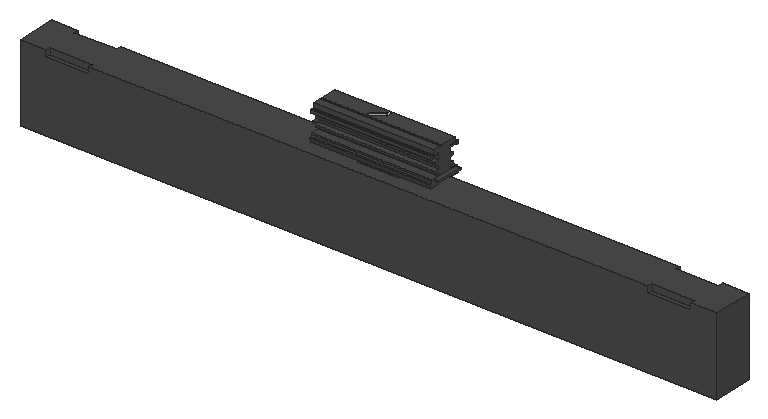
Revit family "DOT SINGLE HEAD RAIL 646_DTM30N6.5", category Luminarias, Revit 2019
Family settings
  Cota de conector redondo = Diámetro de uso
  Tipo de pieza = Normal
  Se basa en plano de trabajo = Sí
  Siempre vertical = Sí
  Corte con vacíos al cargar = No
  Origen de luz = Sí
  Compartido = No
  Punto de cálculo de habitación = No
Parameters (values of type "DOT SINGLE HEAD RAIL 646_DTM30N6.5.1535")
  Ángulo de inclinación = 60.00°
  Zone [instance] = ""
  Watt per fixture = 30
  Wattage = 30 W
  built-in parameter 1150107 = 4000 (stored number, unit not read)
  built-in parameter 1150110 = 1 (stored number, unit not read)
  built-in parameter 1150109 = 1 (stored number, unit not read)
  built-in parameter 1150112 = 1 (stored number, unit not read)
  built-in parameter 1150113 = 1 (stored number, unit not read)
  built-in parameter 1114218 = 1 (stored number, unit not read)
  Keynote = ""
  built-in parameter 1150137 = (empty or 0)
  built-in parameter 1150132 = (empty or 0)
  Modelo = "DTM30N6.5.1535"
  Lámpara = "3030SMD PHILIPS"
  built-in parameter 1150105 = 13996.1 (stored number, unit not read)
  built-in parameter 1150102 = (empty or 0)
  built-in parameter 1150106 = 139.96 (stored number, unit not read)
  Lumens = 2700 lm
  Color Filter = 16777215
  built-in parameter 1114217 = 1 (stored number, unit not read)
  built-in parameter 1150139 = (empty or 0)
  Fabricante = "BRILLANT"
  Default Elevation = 1219.2 mm
  built-in parameter 1150104 = 8.3613 (stored number, unit not read)
  Descripción = "LUMINARIA DOWNLIGHT EN FORMATO RECTANGULAR COMPATIBLE CON RIEL DE 6 ENTRADAS Y 3 CIRCUITOS CON CABEZAL PARA PODER DIRIGIR LA LUMINARIA HASTA 30 GRADOS, CUERPO DE ALUMINIO ACABADO EN COLOR NEGRO, IP 20, PESO 1.48Kg, TIPO DE LED 3030SMD PHILIPS CON 30W TOTAL, 1450 LUMENES, 90LM/W, IRC 90, TEMPERATURA EN BLANCO FRIO 4000K, 50 MIL HORAS DE VIDA PROMEDIO, APERTURA ELIPTICA DE 15X35 GRADOS POR PROYECTO, ALIMENTADO A 90-240V"
  built-in parameter 1150115 = 1 (stored number, unit not read)
  built-in parameter 1150114 = 1 (stored number, unit not read)
  Comentarios de vataje = "90-240V"
  built-in parameter 1150138 = (empty or 0)
  built-in parameter 1150134 = 12
  Circuit [instance] = ""
  Dimming Lamp Color Temperature Shift = (empty or 0)
  Archivo de red fotométrica = "L646A-30W-840-B-15X35_IESNA95.IES"
  built-in parameter 1150133 = 10 (stored number, unit not read)
Reference planes
  plane 1 "Centro (Frontal/Posterior)": y = 0
  plane 2: z = 0
  plane 3 "Centro (Izquierda/Derecha)": x = 0
Forms (mm)
  Extrusion 1, solid, material "Default Form"
    sketch origin (0, 0, 0) x (1, 0, 0) y (0, 0, 1)
      loop
        line (-323, 0) -> (-323, -72) -> (323, -72) -> (323, 0) -> (-323, 0)
    from -18.326 to 18.326
  Blend 2, void
    base sketch origin (0, 0, 0) x (1, 0, 0) y (0, 1, 0)
      loop
        line (-162, 16.149) -> (-162, -16.149) -> (-144.14, -16.149) -> (-144.14, 16.149) -> (-162, 16.149)
    top sketch origin (0, 0, 0) x (1, 0, 0) y (0, 1, 0)
      loop
        line (-160, 12.149) -> (-160, -12.149) -> (-146.14, -12.149) -> (-146.14, 12.149) -> (-160, 12.149)
    from -72 to -61.591
  Blend 3, void
    base sketch origin (21.86, 0, 0) x (1, 0, 0) y (0, 1, 0)
      loop
        line (-162, 16.149) -> (-162, -16.149) -> (-144.14, -16.149) -> (-144.14, 16.149) -> (-162, 16.149)
    top sketch origin (21.86, 0, 0) x (1, 0, 0) y (0, 1, 0)
      loop
        line (-160, 12.149) -> (-160, -12.149) -> (-146.14, -12.149) -> (-146.14, 12.149) -> (-160, 12.149)
    from -72 to -61.591
  Blend 4, void
    base sketch origin (43.72, 0, 0) x (1, 0, 0) y (0, 1, 0)
      loop
        line (-162, 16.149) -> (-162, -16.149) -> (-144.14, -16.149) -> (-144.14, 16.149) -> (-162, 16.149)
    top sketch origin (43.72, 0, 0) x (1, 0, 0) y (0, 1, 0)
      loop
        line (-160, 12.149) -> (-160, -12.149) -> (-146.14, -12.149) -> (-146.14, 12.149) -> (-160, 12.149)
    from -72 to -61.591
  Blend 5, void
    base sketch origin (65.58, 0, 0) x (1, 0, 0) y (0, 1, 0)
      loop
        line (-162, 16.149) -> (-162, -16.149) -> (-144.14, -16.149) -> (-144.14, 16.149) -> (-162, 16.149)
    top sketch origin (65.58, 0, 0) x (1, 0, 0) y (0, 1, 0)
      loop
        line (-160, 12.149) -> (-160, -12.149) -> (-146.14, -12.149) -> (-146.14, 12.149) -> (-160, 12.149)
    from -72 to -61.591
  Blend 6, void
    base sketch origin (87.44, 0, 0) x (1, 0, 0) y (0, 1, 0)
      loop
        line (-162, 16.149) -> (-162, -16.149) -> (-144.14, -16.149) -> (-144.14, 16.149) -> (-162, 16.149)
    top sketch origin (87.44, 0, 0) x (1, 0, 0) y (0, 1, 0)
      loop
        line (-160, 12.149) -> (-160, -12.149) -> (-146.14, -12.149) -> (-146.14, 12.149) -> (-160, 12.149)
    from -72 to -61.591
  Blend 7, void
    base sketch origin (109.3, 0, 0) x (1, 0, 0) y (0, 1, 0)
      loop
        line (-162, 16.149) -> (-162, -16.149) -> (-144.14, -16.149) -> (-144.14, 16.149) -> (-162, 16.149)
    top sketch origin (109.3, 0, 0) x (1, 0, 0) y (0, 1, 0)
      loop
        line (-160, 12.149) -> (-160, -12.149) -> (-146.14, -12.149) -> (-146.14, 12.149) -> (-160, 12.149)
    from -72 to -61.591
  Blend 8, void
    base sketch origin (131.16, 0, 0) x (1, 0, 0) y (0, 1, 0)
      loop
        line (-162, 16.149) -> (-162, -16.149) -> (-144.14, -16.149) -> (-144.14, 16.149) -> (-162, 16.149)
    top sketch origin (131.16, 0, 0) x (1, 0, 0) y (0, 1, 0)
      loop
        line (-160, 12.149) -> (-160, -12.149) -> (-146.14, -12.149) -> (-146.14, 12.149) -> (-160, 12.149)
    from -72 to -61.591
  Blend 9, void
    base sketch origin (153.02, 0, 0) x (1, 0, 0) y (0, 1, 0)
      loop
        line (-162, 16.149) -> (-162, -16.149) -> (-144.14, -16.149) -> (-144.14, 16.149) -> (-162, 16.149)
    top sketch origin (153.02, 0, 0) x (1, 0, 0) y (0, 1, 0)
      loop
        line (-160, 12.149) -> (-160, -12.149) -> (-146.14, -12.149) -> (-146.14, 12.149) -> (-160, 12.149)
    from -72 to -61.591
  Blend 10, void
    base sketch origin (174.88, 0, 0) x (1, 0, 0) y (0, 1, 0)
      loop
        line (-162, 16.149) -> (-162, -16.149) -> (-144.14, -16.149) -> (-144.14, 16.149) -> (-162, 16.149)
    top sketch origin (174.88, 0, 0) x (1, 0, 0) y (0, 1, 0)
      loop
        line (-160, 12.149) -> (-160, -12.149) -> (-146.14, -12.149) -> (-146.14, 12.149) -> (-160, 12.149)
    from -72 to -61.591
  Blend 11, void
    base sketch origin (196.74, 0, 0) x (1, 0, 0) y (0, 1, 0)
      loop
        line (-162, 16.149) -> (-162, -16.149) -> (-144.14, -16.149) -> (-144.14, 16.149) -> (-162, 16.149)
    top sketch origin (196.74, 0, 0) x (1, 0, 0) y (0, 1, 0)
      loop
        line (-160, 12.149) -> (-160, -12.149) -> (-146.14, -12.149) -> (-146.14, 12.149) -> (-160, 12.149)
    from -72 to -61.591
  Blend 12, void
    base sketch origin (218.6, 0, 0) x (1, 0, 0) y (0, 1, 0)
      loop
        line (-162, 16.149) -> (-162, -16.149) -> (-144.14, -16.149) -> (-144.14, 16.149) -> (-162, 16.149)
    top sketch origin (218.6, 0, 0) x (1, 0, 0) y (0, 1, 0)
      loop
        line (-160, 12.149) -> (-160, -12.149) -> (-146.14, -12.149) -> (-146.14, 12.149) -> (-160, 12.149)
    from -72 to -61.591
  Blend 13, void
    base sketch origin (240.46, 0, 0) x (1, 0, 0) y (0, 1, 0)
      loop
        line (-162, 16.149) -> (-162, -16.149) -> (-144.14, -16.149) -> (-144.14, 16.149) -> (-162, 16.149)
    top sketch origin (240.46, 0, 0) x (1, 0, 0) y (0, 1, 0)
      loop
        line (-160, 12.149) -> (-160, -12.149) -> (-146.14, -12.149) -> (-146.14, 12.149) -> (-160, 12.149)
    from -72 to -61.591
  Blend 14, void
    base sketch origin (262.32, 0, 0) x (1, 0, 0) y (0, 1, 0)
      loop
        line (-162, 16.149) -> (-162, -16.149) -> (-144.14, -16.149) -> (-144.14, 16.149) -> (-162, 16.149)
    top sketch origin (262.32, 0, 0) x (1, 0, 0) y (0, 1, 0)
      loop
        line (-160, 12.149) -> (-160, -12.149) -> (-146.14, -12.149) -> (-146.14, 12.149) -> (-160, 12.149)
    from -72 to -61.591
  Blend 15, void
    base sketch origin (284.18, 0, 0) x (1, 0, 0) y (0, 1, 0)
      loop
        line (-162, 16.149) -> (-162, -16.149) -> (-144.14, -16.149) -> (-144.14, 16.149) -> (-162, 16.149)
    top sketch origin (284.18, 0, 0) x (1, 0, 0) y (0, 1, 0)
      loop
        line (-160, 12.149) -> (-160, -12.149) -> (-146.14, -12.149) -> (-146.14, 12.149) -> (-160, 12.149)
    from -72 to -61.591
  Blend 16, void
    base sketch origin (306.04, 0, 0) x (1, 0, 0) y (0, 1, 0)
      loop
        line (-162, 16.149) -> (-162, -16.149) -> (-144.14, -16.149) -> (-144.14, 16.149) -> (-162, 16.149)
    top sketch origin (306.04, 0, 0) x (1, 0, 0) y (0, 1, 0)
      loop
        line (-160, 12.149) -> (-160, -12.149) -> (-146.14, -12.149) -> (-146.14, 12.149) -> (-160, 12.149)
    from -72 to -61.591
  Extrusion 17, solid, material "Default Form"
    sketch origin (-55.628, 0, 7.5) x (0, 1, 0) y (0, 0, 1)
      loop
        line (-7.273, 1.74) -> (7.273, 1.74) -> (7.273, 0) -> (15.231, 0) -> (17.006, 4.494) -> (15.021, 4.494) -> (14.058, 5.868) -> (14.058, 7.166) -> (6.473, 7.166) -> (6.473, 9.324) -> (10.169, 10.163) -> (10.169, 12.464) -> (6.473, 13.302) -> (6.473, 16.66) -> (10.169, 17.499) -> (10.169, 19.8) -> (6.473, 20.638) -> (6.473, 25.016) -> (13.839, 25.016) -> (14.514, 24.341) -> (15.775, 24.341) -> (15.775, 27.171) -> (14.73, 27.171) -> (14.058, 26.499) -> (6.473, 26.499) -> (6.473, 27.299) -> (12.377, 27.299) -> (12.377, 31.471) -> (-2.744, 31.471) -> (-2.744, 30.671) -> (-5.514, 30.671) -> (-5.514, 31.471) -> (-12.377, 31.471) -> (-12.377, 27.299) -> (-6.473, 27.299) -> (-6.473, 26.499) -> (-14.058, 26.499) -> (-14.73, 27.171) -> (-15.775, 27.171) -> (-15.775, 24.341) -> (-14.514, 24.341) -> (-13.839, 25.016) -> (-6.473, 25.016) -> (-6.473, 20.638) -> (-10.169, 19.8) -> (-10.169, 17.499) -> (-6.473, 16.66) -> (-6.473, 13.302) -> (-10.169, 12.464) -> (-10.169, 10.163) -> (-6.473, 9.324) -> (-6.473, 7.166) -> (-14.058, 7.166) -> (-14.058, 5.868) -> (-15.021, 4.494) -> (-17.006, 4.494) -> (-15.231, 0) -> (-7.273, 0) -> (-7.273, 1.74)
    from 0 to 111.256
  Extrusion 18, solid, material "Default Form"
    sketch origin (0, 0, 0) x (1, 0, 0) y (0, 1, 0)
      loop
        line (-19.12, 6.873) -> (-19.12, -6.873) -> (19.12, -6.873) -> (19.12, 6.873) -> (-19.12, 6.873)
    from 0 to 2.67
  Extrusion 19, solid, material "Default Form"
    sketch origin (0, 0, 0) x (1, 0, 0) y (0, 1, 0)
      loop
        line (-10.93, 3.188) -> (-10.93, -3.188) -> (10.93, -3.188) -> (10.93, 3.188) -> (-10.93, 3.188)
    from 2.67 to 7.5
  Extrusion 20, void
    sketch origin (0, 0, 0) x (1, 0, 0) y (0, 1, 0)
      loop
        line (-259.42, 18.326) -> (-299.14, 18.326) -> (-299.14, 14.276) -> (-259.42, 14.276) -> (-259.42, 18.326)
      loop
        line (-299.14, -18.326) -> (-259.42, -18.326) -> (-259.42, -14.276) -> (-299.14, -14.276) -> (-299.14, -18.326)
      loop
        line (299.14, -18.326) -> (299.14, -14.276) -> (259.42, -14.276) -> (259.42, -18.326) -> (299.14, -18.326)
      loop
        line (299.14, 18.326) -> (259.42, 18.326) -> (259.42, 14.276) -> (299.14, 14.276) -> (299.14, 18.326)
    from -6.015 to 0
  Extrusion 21, solid, material "Acero Inoxidable"
    sketch origin (0, -1.594, 0) x (1, 0, 0) y (0, 0, -1)
      loop
        line (-15, -38.971) -> (3.794, -45.811) -> (4.341, -44.308) -> (3.589, -44.034) -> (3.316, -44.786) -> (-12.661, -38.971) -> (-15, -38.971)
    from 0 to 3.188
  Extrusion 22, solid, material "Default Form"
    sketch origin (0, 0, 0) x (1, 0, 0) y (0, 1, 0)
      loop
        line (-55.628, 6.473) -> (-66.331, 6.473) -> (-66.331, 0) -> (-55.628, 0) -> (-55.628, 6.473)
      loop
        line (55.628, 12.377) -> (55.628, -12.149) -> (60.628, -12.149) -> (60.628, 12.377) -> (55.628, 12.377)
    from 13.368 to 15
  Blend 23, void
    base sketch origin (-87.44, 0, 0) x (1, 0, 0) y (0, 1, 0)
      loop
        line (-162, 16.149) -> (-162, -16.149) -> (-144.14, -16.149) -> (-144.14, 16.149) -> (-162, 16.149)
    top sketch origin (-87.44, 0, 0) x (1, 0, 0) y (0, 1, 0)
      loop
        line (-160, 12.149) -> (-160, -12.149) -> (-146.14, -12.149) -> (-146.14, 12.149) -> (-160, 12.149)
    from -72 to -61.591
  Blend 24, void
    base sketch origin (-65.58, 0, 0) x (1, 0, 0) y (0, 1, 0)
      loop
        line (-162, 16.149) -> (-162, -16.149) -> (-144.14, -16.149) -> (-144.14, 16.149) -> (-162, 16.149)
    top sketch origin (-65.58, 0, 0) x (1, 0, 0) y (0, 1, 0)
      loop
        line (-160, 12.149) -> (-160, -12.149) -> (-146.14, -12.149) -> (-146.14, 12.149) -> (-160, 12.149)
    from -72 to -61.591
  Blend 25, void
    base sketch origin (-43.72, 0, 0) x (1, 0, 0) y (0, 1, 0)
      loop
        line (-162, 16.149) -> (-162, -16.149) -> (-144.14, -16.149) -> (-144.14, 16.149) -> (-162, 16.149)
    top sketch origin (-43.72, 0, 0) x (1, 0, 0) y (0, 1, 0)
      loop
        line (-160, 12.149) -> (-160, -12.149) -> (-146.14, -12.149) -> (-146.14, 12.149) -> (-160, 12.149)
    from -72 to -61.591
  Blend 26, void
    base sketch origin (-21.86, 0, 0) x (1, 0, 0) y (0, 1, 0)
      loop
        line (-162, 16.149) -> (-162, -16.149) -> (-144.14, -16.149) -> (-144.14, 16.149) -> (-162, 16.149)
    top sketch origin (-21.86, 0, 0) x (1, 0, 0) y (0, 1, 0)
      loop
        line (-160, 12.149) -> (-160, -12.149) -> (-146.14, -12.149) -> (-146.14, 12.149) -> (-160, 12.149)
    from -72 to -61.591
  Blend 27, void
    base sketch origin (-109.3, 0, 0) x (1, 0, 0) y (0, 1, 0)
      loop
        line (-162, 16.149) -> (-162, -16.149) -> (-144.14, -16.149) -> (-144.14, 16.149) -> (-162, 16.149)
    top sketch origin (-109.3, 0, 0) x (1, 0, 0) y (0, 1, 0)
      loop
        line (-160, 12.149) -> (-160, -12.149) -> (-146.14, -12.149) -> (-146.14, 12.149) -> (-160, 12.149)
    from -72 to -61.591
  Blend 28, void
    base sketch origin (327.9, 0, 0) x (1, 0, 0) y (0, 1, 0)
      loop
        line (-162, 16.149) -> (-162, -16.149) -> (-144.14, -16.149) -> (-144.14, 16.149) -> (-162, 16.149)
    top sketch origin (327.9, 0, 0) x (1, 0, 0) y (0, 1, 0)
      loop
        line (-160, 12.149) -> (-160, -12.149) -> (-146.14, -12.149) -> (-146.14, 12.149) -> (-160, 12.149)
    from -72 to -61.591
  Blend 29, void
    base sketch origin (349.76, 0, 0) x (1, 0, 0) y (0, 1, 0)
      loop
        line (-162, 16.149) -> (-162, -16.149) -> (-144.14, -16.149) -> (-144.14, 16.149) -> (-162, 16.149)
    top sketch origin (349.76, 0, 0) x (1, 0, 0) y (0, 1, 0)
      loop
        line (-160, 12.149) -> (-160, -12.149) -> (-146.14, -12.149) -> (-146.14, 12.149) -> (-160, 12.149)
    from -72 to -61.591
  Blend 30, void
    base sketch origin (371.62, 0, 0) x (1, 0, 0) y (0, 1, 0)
      loop
        line (-162, 16.149) -> (-162, -16.149) -> (-144.14, -16.149) -> (-144.14, 16.149) -> (-162, 16.149)
    top sketch origin (371.62, 0, 0) x (1, 0, 0) y (0, 1, 0)
      loop
        line (-160, 12.149) -> (-160, -12.149) -> (-146.14, -12.149) -> (-146.14, 12.149) -> (-160, 12.149)
    from -72 to -61.591
  Blend 31, void
    base sketch origin (393.48, 0, 0) x (1, 0, 0) y (0, 1, 0)
      loop
        line (-162, 16.149) -> (-162, -16.149) -> (-144.14, -16.149) -> (-144.14, 16.149) -> (-162, 16.149)
    top sketch origin (393.48, 0, 0) x (1, 0, 0) y (0, 1, 0)
      loop
        line (-160, 12.149) -> (-160, -12.149) -> (-146.14, -12.149) -> (-146.14, 12.149) -> (-160, 12.149)
    from -72 to -61.591
  Blend 32, void
    base sketch origin (415.34, 0, 0) x (1, 0, 0) y (0, 1, 0)
      loop
        line (-162, 16.149) -> (-162, -16.149) -> (-144.14, -16.149) -> (-144.14, 16.149) -> (-162, 16.149)
    top sketch origin (415.34, 0, 0) x (1, 0, 0) y (0, 1, 0)
      loop
        line (-160, 12.149) -> (-160, -12.149) -> (-146.14, -12.149) -> (-146.14, 12.149) -> (-160, 12.149)
    from -72 to -61.591
Cuts and joins
  Blend 2, Blend 3, Blend 4, Blend 5, Blend 6, Blend 7, Blend 8, Blend 9, Blend 10, Blend 11, Blend 12, Blend 13, Blend 14, Blend 15, Blend 16, Extrusion 20, Blend 23, Blend 24, Blend 25, Blend 26, Blend 27, Blend 28, Blend 29, Blend 30, Blend 31, Blend 32 cuts Extrusion 1
Dimensions and locks
  equal spacing: Extrusion 1, plane 1 "Centro (Frontal/Posterior)", Extrusion 1
  Extrusion 1 to plane 1 "Centro (Frontal/Posterior)" = 18.326 mm
  Extrusion 1 to Extrusion 1 = 36.651 mm
  Extrusion 1 to Extrusion 1 = 72 mm
  Extrusion 1 to Extrusion 1 = 646 mm
  cut or joined group 1 (Extrusion 1, Blend 2, Blend 3, Blend 4, Blend 5, Blend 6, Blend 7, Blend 8, Blend 9, Blend 10, Blend 11, Blend 12, Blend 13, Blend 14, Blend 15, Blend 16, Extrusion 20, Blend 23, Blend 24, Blend 25, Blend 26, Blend 27, Blend 28, Blend 29, Blend 30, Blend 31, Blend 32) to cut or joined group 1 = 72 mm
  cut or joined group 1 to cut or joined group 1 = 36.651 mm
  cut or joined group 1 to cut or joined group 1 = 646 mm
  equal spacing: cut or joined group 1, plane 1 "Centro (Frontal/Posterior)", cut or joined group 1
  cut or joined group 1 to cut or joined group 1 = 23.86 mm  (x2)
  aligned and locked: level to plane 2
  aligned and locked: Extrusion 19 to Extrusion 17
  aligned and locked: Extrusion 19 to Extrusion 18
Automatic sketch dimensions
  Extrusion 1 sketch curve to level = 0 mm
  Extrusion 1 sketch curve to level = 72 mm
  Extrusion 1 sketch curve to plane 3 "Centro (Izquierda/Derecha)" = 323 mm
  plane 3 "Centro (Izquierda/Derecha)" to Extrusion 1 sketch curve = 323 mm
  Blend 2 sketch curve to plane 1 "Centro (Frontal/Posterior)" = 16.149 mm
  Blend 2 sketch curve to plane 3 "Centro (Izquierda/Derecha)" = 162 mm
  Blend 2 sketch curve to Blend 2 sketch curve = 17.86 mm
  plane 1 "Centro (Frontal/Posterior)" to Blend 2 sketch curve = 16.149 mm
  Blend 2 sketch curve to plane 1 "Centro (Frontal/Posterior)" = 12.149 mm
  Blend 2 sketch curve to plane 3 "Centro (Izquierda/Derecha)" = 160 mm
  Blend 2 sketch curve to Blend 2 sketch curve = 13.86 mm
  plane 1 "Centro (Frontal/Posterior)" to Blend 2 sketch curve = 12.149 mm
  Blend 3 sketch curve to plane 1 "Centro (Frontal/Posterior)" = 16.149 mm
  Blend 3 sketch curve to plane 3 "Centro (Izquierda/Derecha)" = 140.14 mm
  Blend 3 sketch curve to Blend 3 sketch curve = 17.86 mm
  plane 1 "Centro (Frontal/Posterior)" to Blend 3 sketch curve = 16.149 mm
  Blend 3 sketch curve to plane 1 "Centro (Frontal/Posterior)" = 12.149 mm
  Blend 3 sketch curve to plane 3 "Centro (Izquierda/Derecha)" = 138.14 mm
  Blend 3 sketch curve to Blend 3 sketch curve = 13.86 mm
  plane 1 "Centro (Frontal/Posterior)" to Blend 3 sketch curve = 12.149 mm
  Blend 4 sketch curve to plane 1 "Centro (Frontal/Posterior)" = 16.149 mm
  Blend 4 sketch curve to plane 3 "Centro (Izquierda/Derecha)" = 118.28 mm
  Blend 4 sketch curve to Blend 4 sketch curve = 17.86 mm
  plane 1 "Centro (Frontal/Posterior)" to Blend 4 sketch curve = 16.149 mm
  Blend 4 sketch curve to plane 1 "Centro (Frontal/Posterior)" = 12.149 mm
  Blend 4 sketch curve to plane 3 "Centro (Izquierda/Derecha)" = 116.28 mm
  Blend 4 sketch curve to Blend 4 sketch curve = 13.86 mm
  plane 1 "Centro (Frontal/Posterior)" to Blend 4 sketch curve = 12.149 mm
  Blend 5 sketch curve to plane 1 "Centro (Frontal/Posterior)" = 16.149 mm
  Blend 5 sketch curve to plane 3 "Centro (Izquierda/Derecha)" = 96.42 mm
  Blend 5 sketch curve to Blend 5 sketch curve = 17.86 mm
  plane 1 "Centro (Frontal/Posterior)" to Blend 5 sketch curve = 16.149 mm
  Blend 5 sketch curve to plane 1 "Centro (Frontal/Posterior)" = 12.149 mm
  Blend 5 sketch curve to plane 3 "Centro (Izquierda/Derecha)" = 94.42 mm
  Blend 5 sketch curve to Blend 5 sketch curve = 13.86 mm
  plane 1 "Centro (Frontal/Posterior)" to Blend 5 sketch curve = 12.149 mm
  Blend 6 sketch curve to plane 1 "Centro (Frontal/Posterior)" = 16.149 mm
  Blend 6 sketch curve to plane 3 "Centro (Izquierda/Derecha)" = 74.56 mm
  Blend 6 sketch curve to Blend 6 sketch curve = 17.86 mm
  plane 1 "Centro (Frontal/Posterior)" to Blend 6 sketch curve = 16.149 mm
  Blend 6 sketch curve to plane 1 "Centro (Frontal/Posterior)" = 12.149 mm
  Blend 6 sketch curve to plane 3 "Centro (Izquierda/Derecha)" = 72.56 mm
  Blend 6 sketch curve to Blend 6 sketch curve = 13.86 mm
  plane 1 "Centro (Frontal/Posterior)" to Blend 6 sketch curve = 12.149 mm
  Blend 7 sketch curve to plane 1 "Centro (Frontal/Posterior)" = 16.149 mm
  Blend 7 sketch curve to plane 3 "Centro (Izquierda/Derecha)" = 52.7 mm
  Blend 7 sketch curve to Blend 7 sketch curve = 17.86 mm
  plane 1 "Centro (Frontal/Posterior)" to Blend 7 sketch curve = 16.149 mm
  Blend 7 sketch curve to plane 1 "Centro (Frontal/Posterior)" = 12.149 mm
  Blend 7 sketch curve to plane 3 "Centro (Izquierda/Derecha)" = 50.7 mm
  Blend 7 sketch curve to Blend 7 sketch curve = 13.86 mm
  plane 1 "Centro (Frontal/Posterior)" to Blend 7 sketch curve = 12.149 mm
  Blend 8 sketch curve to plane 3 "Centro (Izquierda/Derecha)" = 30.84 mm
  Blend 8 sketch curve to plane 3 "Centro (Izquierda/Derecha)" = 12.98 mm
  plane 1 "Centro (Frontal/Posterior)" to Blend 8 sketch curve = 16.149 mm
  Blend 8 sketch curve to plane 1 "Centro (Frontal/Posterior)" = 16.149 mm
  Blend 8 sketch curve to plane 1 "Centro (Frontal/Posterior)" = 12.149 mm
  Blend 8 sketch curve to plane 3 "Centro (Izquierda/Derecha)" = 28.84 mm
  Blend 8 sketch curve to Blend 8 sketch curve = 13.86 mm
  plane 1 "Centro (Frontal/Posterior)" to Blend 8 sketch curve = 12.149 mm
  Blend 9 sketch curve to plane 3 "Centro (Izquierda/Derecha)" = 8.98 mm
  plane 3 "Centro (Izquierda/Derecha)" to Blend 9 sketch curve = 8.88 mm
  plane 1 "Centro (Frontal/Posterior)" to Blend 9 sketch curve = 16.149 mm
  Blend 9 sketch curve to plane 1 "Centro (Frontal/Posterior)" = 16.149 mm
  Blend 9 sketch curve to plane 3 "Centro (Izquierda/Derecha)" = 6.98 mm
  plane 3 "Centro (Izquierda/Derecha)" to Blend 9 sketch curve = 6.88 mm
  plane 1 "Centro (Frontal/Posterior)" to Blend 9 sketch curve = 12.149 mm
  Blend 9 sketch curve to plane 1 "Centro (Frontal/Posterior)" = 12.149 mm
  plane 3 "Centro (Izquierda/Derecha)" to Blend 10 sketch curve = 12.88 mm
  Blend 10 sketch curve to Blend 10 sketch curve = 17.86 mm
  plane 1 "Centro (Frontal/Posterior)" to Blend 10 sketch curve = 16.149 mm
  Blend 10 sketch curve to plane 1 "Centro (Frontal/Posterior)" = 16.149 mm
  plane 3 "Centro (Izquierda/Derecha)" to Blend 10 sketch curve = 14.88 mm
  Blend 10 sketch curve to Blend 10 sketch curve = 13.86 mm
  plane 1 "Centro (Frontal/Posterior)" to Blend 10 sketch curve = 12.149 mm
  Blend 10 sketch curve to plane 1 "Centro (Frontal/Posterior)" = 12.149 mm
  Blend 11 sketch curve to plane 1 "Centro (Frontal/Posterior)" = 16.149 mm
  plane 3 "Centro (Izquierda/Derecha)" to Blend 11 sketch curve = 34.74 mm
  Blend 11 sketch curve to Blend 11 sketch curve = 17.86 mm
  plane 1 "Centro (Frontal/Posterior)" to Blend 11 sketch curve = 16.149 mm
  Blend 11 sketch curve to plane 1 "Centro (Frontal/Posterior)" = 12.149 mm
  plane 3 "Centro (Izquierda/Derecha)" to Blend 11 sketch curve = 36.74 mm
  Blend 11 sketch curve to Blend 11 sketch curve = 13.86 mm
  plane 1 "Centro (Frontal/Posterior)" to Blend 11 sketch curve = 12.149 mm
  Blend 12 sketch curve to plane 1 "Centro (Frontal/Posterior)" = 16.149 mm
  plane 3 "Centro (Izquierda/Derecha)" to Blend 12 sketch curve = 56.6 mm
  Blend 12 sketch curve to Blend 12 sketch curve = 17.86 mm
  plane 1 "Centro (Frontal/Posterior)" to Blend 12 sketch curve = 16.149 mm
  Blend 12 sketch curve to plane 1 "Centro (Frontal/Posterior)" = 12.149 mm
  plane 3 "Centro (Izquierda/Derecha)" to Blend 12 sketch curve = 58.6 mm
  Blend 12 sketch curve to Blend 12 sketch curve = 13.86 mm
  plane 1 "Centro (Frontal/Posterior)" to Blend 12 sketch curve = 12.149 mm
  Blend 13 sketch curve to plane 1 "Centro (Frontal/Posterior)" = 16.149 mm
  plane 3 "Centro (Izquierda/Derecha)" to Blend 13 sketch curve = 78.46 mm
  Blend 13 sketch curve to Blend 13 sketch curve = 17.86 mm
  plane 1 "Centro (Frontal/Posterior)" to Blend 13 sketch curve = 16.149 mm
  Blend 13 sketch curve to plane 1 "Centro (Frontal/Posterior)" = 12.149 mm
  plane 3 "Centro (Izquierda/Derecha)" to Blend 13 sketch curve = 80.46 mm
  Blend 13 sketch curve to Blend 13 sketch curve = 13.86 mm
  plane 1 "Centro (Frontal/Posterior)" to Blend 13 sketch curve = 12.149 mm
  Blend 14 sketch curve to plane 1 "Centro (Frontal/Posterior)" = 16.149 mm
  plane 3 "Centro (Izquierda/Derecha)" to Blend 14 sketch curve = 100.32 mm
  Blend 14 sketch curve to Blend 14 sketch curve = 17.86 mm
  plane 1 "Centro (Frontal/Posterior)" to Blend 14 sketch curve = 16.149 mm
  Blend 14 sketch curve to plane 1 "Centro (Frontal/Posterior)" = 12.149 mm
  plane 3 "Centro (Izquierda/Derecha)" to Blend 14 sketch curve = 102.32 mm
  Blend 14 sketch curve to Blend 14 sketch curve = 13.86 mm
  plane 1 "Centro (Frontal/Posterior)" to Blend 14 sketch curve = 12.149 mm
  Blend 15 sketch curve to plane 1 "Centro (Frontal/Posterior)" = 16.149 mm
  plane 3 "Centro (Izquierda/Derecha)" to Blend 15 sketch curve = 122.18 mm
  Blend 15 sketch curve to Blend 15 sketch curve = 17.86 mm
  plane 1 "Centro (Frontal/Posterior)" to Blend 15 sketch curve = 16.149 mm
  Blend 15 sketch curve to plane 1 "Centro (Frontal/Posterior)" = 12.149 mm
  plane 3 "Centro (Izquierda/Derecha)" to Blend 15 sketch curve = 124.18 mm
  Blend 15 sketch curve to Blend 15 sketch curve = 13.86 mm
  plane 1 "Centro (Frontal/Posterior)" to Blend 15 sketch curve = 12.149 mm
  Blend 16 sketch curve to plane 1 "Centro (Frontal/Posterior)" = 16.149 mm
  plane 3 "Centro (Izquierda/Derecha)" to Blend 16 sketch curve = 144.04 mm
  Blend 16 sketch curve to Blend 16 sketch curve = 17.86 mm
  plane 1 "Centro (Frontal/Posterior)" to Blend 16 sketch curve = 16.149 mm
  Blend 16 sketch curve to plane 1 "Centro (Frontal/Posterior)" = 12.149 mm
  plane 3 "Centro (Izquierda/Derecha)" to Blend 16 sketch curve = 146.04 mm
  Blend 16 sketch curve to Blend 16 sketch curve = 13.86 mm
  plane 1 "Centro (Frontal/Posterior)" to Blend 16 sketch curve = 12.149 mm
  plane 1 "Centro (Frontal/Posterior)" to Extrusion 17 sketch curve = 17.006 mm
  plane 1 "Centro (Frontal/Posterior)" to Extrusion 17 sketch curve = 15.775 mm
  level to Extrusion 17 sketch curve = 7.5 mm  (x2)
  Extrusion 17 sketch curve to Extrusion 17 sketch curve = 1.775 mm
  Extrusion 17 sketch curve to Extrusion 17 sketch curve = 1.985 mm  (x2)
  Extrusion 17 sketch curve to Extrusion 17 sketch curve = 1.045 mm
  Extrusion 17 sketch curve to Extrusion 17 sketch curve = 1.261 mm  (x2)
  Extrusion 17 sketch curve to Extrusion 17 sketch curve = 0.963 mm  (x2)
  Extrusion 17 sketch curve to Extrusion 17 sketch curve = 0.672 mm  (x4)
  Extrusion 17 sketch curve to Extrusion 17 sketch curve = 0.675 mm  (x3)
  Extrusion 17 sketch curve to Extrusion 17 sketch curve = 2.354 mm
  Extrusion 17 sketch curve to Extrusion 17 sketch curve = 4.345 mm
  Extrusion 17 sketch curve to Extrusion 17 sketch curve = 3.89 mm  (x2)
  plane 1 "Centro (Frontal/Posterior)" to Extrusion 17 sketch curve = 7.273 mm
  Extrusion 17 sketch curve to Extrusion 17 sketch curve = 3.696 mm  (x4)
  Extrusion 17 sketch curve to Extrusion 17 sketch curve = 5.904 mm  (x2)
  Extrusion 17 sketch curve to Extrusion 17 sketch curve = 0 mm  (x3)
  Extrusion 17 sketch curve to Extrusion 17 sketch curve = 0.959 mm
  plane 1 "Centro (Frontal/Posterior)" to Extrusion 17 sketch curve = 2.744 mm
  Extrusion 17 sketch curve to plane 1 "Centro (Frontal/Posterior)" = 6.473 mm  (x2)
  Extrusion 17 sketch curve to Extrusion 17 sketch curve = 0.8 mm  (x3)
  Extrusion 17 sketch curve to Extrusion 17 sketch curve = 1.462 mm
  Extrusion 17 sketch curve to Extrusion 17 sketch curve = 0.22 mm
  Extrusion 17 sketch curve to Extrusion 17 sketch curve = 0.21 mm
  Extrusion 17 sketch curve to Extrusion 17 sketch curve = 1.74 mm
  Extrusion 17 sketch curve to Extrusion 17 sketch curve = 4.494 mm  (x2)
  Extrusion 17 sketch curve to Extrusion 17 sketch curve = 1.375 mm  (x2)
  Extrusion 17 sketch curve to Extrusion 17 sketch curve = 5.426 mm  (x2)
  Extrusion 17 sketch curve to Extrusion 17 sketch curve = 2.158 mm  (x2)
  Extrusion 17 sketch curve to Extrusion 17 sketch curve = 0.839 mm  (x8)
  Extrusion 17 sketch curve to Extrusion 17 sketch curve = 2.301 mm  (x4)
  Extrusion 17 sketch curve to Extrusion 17 sketch curve = 3.358 mm  (x2)
  Extrusion 17 sketch curve to Extrusion 17 sketch curve = 4.541 mm  (x2)
  Extrusion 17 sketch curve to Extrusion 17 sketch curve = 4.378 mm
  Extrusion 17 sketch curve to Extrusion 17 sketch curve = 1.483 mm  (x2)
  Extrusion 17 sketch curve to Extrusion 17 sketch curve = 3.372 mm
  Extrusion 17 sketch curve to Extrusion 17 sketch curve = 4.172 mm  (x2)
  plane 1 "Centro (Frontal/Posterior)" to Extrusion 18 sketch curve = 6.873 mm
  Extrusion 18 sketch curve to plane 3 "Centro (Izquierda/Derecha)" = 19.12 mm
  plane 3 "Centro (Izquierda/Derecha)" to Extrusion 18 sketch curve = 19.12 mm
  Extrusion 18 sketch curve to plane 1 "Centro (Frontal/Posterior)" = 6.873 mm
  plane 1 "Centro (Frontal/Posterior)" to Extrusion 19 sketch curve = 3.188 mm
  Extrusion 19 sketch curve to plane 3 "Centro (Izquierda/Derecha)" = 10.93 mm
  plane 3 "Centro (Izquierda/Derecha)" to Extrusion 19 sketch curve = 10.93 mm
  Extrusion 19 sketch curve to plane 1 "Centro (Frontal/Posterior)" = 3.188 mm
  plane 1 "Centro (Frontal/Posterior)" to Extrusion 20 sketch curve = 18.326 mm
  Extrusion 20 sketch curve to plane 3 "Centro (Izquierda/Derecha)" = 299.14 mm
  Extrusion 20 sketch curve to Extrusion 20 sketch curve = 0 mm  (x4)
  Extrusion 20 sketch curve to Extrusion 20 sketch curve = 39.72 mm  (x2)
  plane 1 "Centro (Frontal/Posterior)" to Extrusion 20 sketch curve = 14.276 mm
  plane 3 "Centro (Izquierda/Derecha)" to Extrusion 20 sketch curve = 259.42 mm
  Extrusion 20 sketch curve to plane 1 "Centro (Frontal/Posterior)" = 18.326 mm
  Extrusion 20 sketch curve to Extrusion 20 sketch curve = 4.049 mm  (x4)
  Extrusion 20 sketch curve to plane 1 "Centro (Frontal/Posterior)" = 14.276 mm
  Extrusion 21 sketch curve to plane 3 "Centro (Izquierda/Derecha)" = 15 mm
  Extrusion 21 sketch curve to Extrusion 21 sketch curve = 2.339 mm
  plane 3 "Centro (Izquierda/Derecha)" to Extrusion 21 sketch curve = 3.316 mm
  Extrusion 21 sketch curve to Extrusion 21 sketch curve = 0.274 mm
  Extrusion 21 sketch curve to Extrusion 21 sketch curve = 0.478 mm
  Extrusion 21 sketch curve to Extrusion 21 sketch curve = 0.752 mm
  level to Extrusion 21 sketch curve = 45.811 mm
  plane 1 "Centro (Frontal/Posterior)" to Extrusion 22 sketch curve = 0 mm
  Extrusion 22 sketch curve to plane 1 "Centro (Frontal/Posterior)" = 6.473 mm
  Extrusion 22 sketch curve to plane 3 "Centro (Izquierda/Derecha)" = 66.331 mm
  Extrusion 22 sketch curve to Extrusion 22 sketch curve = 10.703 mm
  Extrusion 22 sketch curve to plane 1 "Centro (Frontal/Posterior)" = 12.377 mm
  plane 3 "Centro (Izquierda/Derecha)" to Extrusion 22 sketch curve = 55.628 mm
  Extrusion 22 sketch curve to Extrusion 22 sketch curve = 5 mm
  plane 1 "Centro (Frontal/Posterior)" to Extrusion 22 sketch curve = 12.149 mm
  Blend 23 sketch curve to plane 1 "Centro (Frontal/Posterior)" = 16.149 mm
  Blend 23 sketch curve to plane 3 "Centro (Izquierda/Derecha)" = 249.44 mm
  Blend 23 sketch curve to Blend 23 sketch curve = 17.86 mm
  plane 1 "Centro (Frontal/Posterior)" to Blend 23 sketch curve = 16.149 mm
  Blend 23 sketch curve to plane 1 "Centro (Frontal/Posterior)" = 12.149 mm
  Blend 23 sketch curve to plane 3 "Centro (Izquierda/Derecha)" = 247.44 mm
  Blend 23 sketch curve to Blend 23 sketch curve = 13.86 mm
  plane 1 "Centro (Frontal/Posterior)" to Blend 23 sketch curve = 12.149 mm
  Blend 24 sketch curve to plane 1 "Centro (Frontal/Posterior)" = 16.149 mm
  Blend 24 sketch curve to plane 3 "Centro (Izquierda/Derecha)" = 227.58 mm
  Blend 24 sketch curve to Blend 24 sketch curve = 17.86 mm
  plane 1 "Centro (Frontal/Posterior)" to Blend 24 sketch curve = 16.149 mm
  Blend 24 sketch curve to plane 1 "Centro (Frontal/Posterior)" = 12.149 mm
  Blend 24 sketch curve to plane 3 "Centro (Izquierda/Derecha)" = 225.58 mm
  Blend 24 sketch curve to Blend 24 sketch curve = 13.86 mm
  plane 1 "Centro (Frontal/Posterior)" to Blend 24 sketch curve = 12.149 mm
  Blend 25 sketch curve to plane 1 "Centro (Frontal/Posterior)" = 16.149 mm
  Blend 25 sketch curve to plane 3 "Centro (Izquierda/Derecha)" = 205.72 mm
  Blend 25 sketch curve to Blend 25 sketch curve = 17.86 mm
  plane 1 "Centro (Frontal/Posterior)" to Blend 25 sketch curve = 16.149 mm
  Blend 25 sketch curve to plane 1 "Centro (Frontal/Posterior)" = 12.149 mm
  Blend 25 sketch curve to plane 3 "Centro (Izquierda/Derecha)" = 203.72 mm
  Blend 25 sketch curve to Blend 25 sketch curve = 13.86 mm
  plane 1 "Centro (Frontal/Posterior)" to Blend 25 sketch curve = 12.149 mm
  Blend 26 sketch curve to plane 1 "Centro (Frontal/Posterior)" = 16.149 mm
  Blend 26 sketch curve to plane 3 "Centro (Izquierda/Derecha)" = 183.86 mm
  Blend 26 sketch curve to Blend 26 sketch curve = 17.86 mm
  plane 1 "Centro (Frontal/Posterior)" to Blend 26 sketch curve = 16.149 mm
  Blend 26 sketch curve to plane 1 "Centro (Frontal/Posterior)" = 12.149 mm
  Blend 26 sketch curve to plane 3 "Centro (Izquierda/Derecha)" = 181.86 mm
  Blend 26 sketch curve to Blend 26 sketch curve = 13.86 mm
  plane 1 "Centro (Frontal/Posterior)" to Blend 26 sketch curve = 12.149 mm
  Blend 27 sketch curve to plane 1 "Centro (Frontal/Posterior)" = 16.149 mm
  Blend 27 sketch curve to plane 3 "Centro (Izquierda/Derecha)" = 271.3 mm
  Blend 27 sketch curve to Blend 27 sketch curve = 17.86 mm
  plane 1 "Centro (Frontal/Posterior)" to Blend 27 sketch curve = 16.149 mm
  Blend 27 sketch curve to plane 1 "Centro (Frontal/Posterior)" = 12.149 mm
  Blend 27 sketch curve to plane 3 "Centro (Izquierda/Derecha)" = 269.3 mm
  Blend 27 sketch curve to Blend 27 sketch curve = 13.86 mm
  plane 1 "Centro (Frontal/Posterior)" to Blend 27 sketch curve = 12.149 mm
  Blend 28 sketch curve to plane 1 "Centro (Frontal/Posterior)" = 16.149 mm
  plane 3 "Centro (Izquierda/Derecha)" to Blend 28 sketch curve = 165.9 mm
  Blend 28 sketch curve to Blend 28 sketch curve = 17.86 mm
  plane 1 "Centro (Frontal/Posterior)" to Blend 28 sketch curve = 16.149 mm
  Blend 28 sketch curve to plane 1 "Centro (Frontal/Posterior)" = 12.149 mm
  plane 3 "Centro (Izquierda/Derecha)" to Blend 28 sketch curve = 167.9 mm
  Blend 28 sketch curve to Blend 28 sketch curve = 13.86 mm
  plane 1 "Centro (Frontal/Posterior)" to Blend 28 sketch curve = 12.149 mm
  Blend 29 sketch curve to plane 1 "Centro (Frontal/Posterior)" = 16.149 mm
  plane 3 "Centro (Izquierda/Derecha)" to Blend 29 sketch curve = 187.76 mm
  Blend 29 sketch curve to Blend 29 sketch curve = 17.86 mm
  plane 1 "Centro (Frontal/Posterior)" to Blend 29 sketch curve = 16.149 mm
  Blend 29 sketch curve to plane 1 "Centro (Frontal/Posterior)" = 12.149 mm
  plane 3 "Centro (Izquierda/Derecha)" to Blend 29 sketch curve = 189.76 mm
  Blend 29 sketch curve to Blend 29 sketch curve = 13.86 mm
  plane 1 "Centro (Frontal/Posterior)" to Blend 29 sketch curve = 12.149 mm
  Blend 30 sketch curve to plane 1 "Centro (Frontal/Posterior)" = 16.149 mm
  plane 3 "Centro (Izquierda/Derecha)" to Blend 30 sketch curve = 209.62 mm
  Blend 30 sketch curve to Blend 30 sketch curve = 17.86 mm
  plane 1 "Centro (Frontal/Posterior)" to Blend 30 sketch curve = 16.149 mm
  Blend 30 sketch curve to plane 1 "Centro (Frontal/Posterior)" = 12.149 mm
  plane 3 "Centro (Izquierda/Derecha)" to Blend 30 sketch curve = 211.62 mm
  Blend 30 sketch curve to Blend 30 sketch curve = 13.86 mm
  plane 1 "Centro (Frontal/Posterior)" to Blend 30 sketch curve = 12.149 mm
  Blend 31 sketch curve to plane 1 "Centro (Frontal/Posterior)" = 16.149 mm
  plane 3 "Centro (Izquierda/Derecha)" to Blend 31 sketch curve = 231.48 mm
  Blend 31 sketch curve to Blend 31 sketch curve = 17.86 mm
  plane 1 "Centro (Frontal/Posterior)" to Blend 31 sketch curve = 16.149 mm
  Blend 31 sketch curve to plane 1 "Centro (Frontal/Posterior)" = 12.149 mm
  plane 3 "Centro (Izquierda/Derecha)" to Blend 31 sketch curve = 233.48 mm
  Blend 31 sketch curve to Blend 31 sketch curve = 13.86 mm
  plane 1 "Centro (Frontal/Posterior)" to Blend 31 sketch curve = 12.149 mm
  Blend 32 sketch curve to plane 1 "Centro (Frontal/Posterior)" = 16.149 mm
  plane 3 "Centro (Izquierda/Derecha)" to Blend 32 sketch curve = 253.34 mm
  Blend 32 sketch curve to Blend 32 sketch curve = 17.86 mm
  plane 1 "Centro (Frontal/Posterior)" to Blend 32 sketch curve = 16.149 mm
  Blend 32 sketch curve to plane 1 "Centro (Frontal/Posterior)" = 12.149 mm
  plane 3 "Centro (Izquierda/Derecha)" to Blend 32 sketch curve = 255.34 mm
  Blend 32 sketch curve to Blend 32 sketch curve = 13.86 mm
  plane 1 "Centro (Frontal/Posterior)" to Blend 32 sketch curve = 12.149 mm
Connectors
  electrical at (0, 0, 0)
    settings: on cut or joined group 1, index 1, voltage 240 V, apparent load 0 VA, apparent load phase1 0 VA, apparent load phase2 0 VA, apparent load phase3 0 VA, power factor 1, load classification "Otro", number of poles 1, system type 31, power factor state 1, is connector primary yes, connector utility no, sub classification motor no, connector description ""
